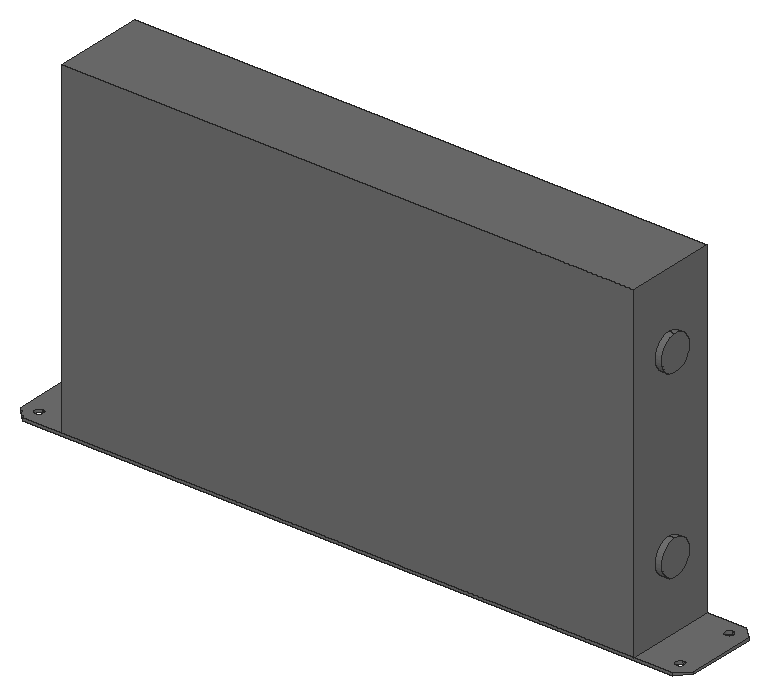
Revit family "БВО_RV17_LOD400 (04.11.23)", category Электрооборудование, Revit 2017
Family settings
  Конфигурация панели = Два столбца, слева направо
  Размер круглого соединителя = Использовать диаметр
  Тип детали = Щит
  На основе рабочей плоскости = Нет
  Всегда вертикально = Да
  При загрузке вырезать с полостями = Нет
  Общий = Нет
  Точка расчета площади = Нет
Parameters (values of type "БВО")
  Тип соединяемого волокна = "Одномодовое"
  Смещение_УГО_Y [instance] = 0 mm
  Смещение_УГО_X [instance] = 0 mm
  Раздел проекта [instance] = ""
  Раздел Спецификации [instance] = ""
  Конфигурация выходных разъёмов = "2xLC"
  Количество выходных разъёмов = 4
  Количество вводов оптического кабеля = 2
  Диапазон рабочих температур, С = "от –40 до +50"
  В_Смещение_УГО_Y [instance] = Смещение_УГО_Y + 2000 mm  # 2000 mm
  В_Смещение_УГО_X [instance] = Смещение_УГО_X + 2000 mm  # 2000 mm
  d_короба = 20 mm
  ADSK_Размер_Длина = 294 mm
  ADSK_Размер_Глубина = 145 mm
  ADSK_Размер_Высота = 40 mm
  ADSK_Примечание = ""
  ADSK_Наименование = "Блок ввода оптической линии БВО"
  ADSK_Масса = 1.4
  ADSK_Марка = "СТАЕ.426471.200"
  ADSK_Количество = 1
  ADSK_Завод-изготовитель = "ООО «Основа Безопасности»"  # constant formula
  ADSK_Единица измерения = "шт."  # constant formula
  ADSK_URL страницы изделия = "https://stilsoft.ru/products/bvo"
  ADSK_URL документации изделия = ""
Reference planes
  plane 1 "По центру (Вперед/Назад)": y = 0
  plane 2: z = 0
  plane 3 "По центру (Влево/Вправо)": x = 0
  plane 4: y = 2000
  plane 5: x = -2000
  plane 6: x = 0
  plane 7: y = 0
  plane 8: x = 147
  plane 9: x = -147
  plane 10 "1": x = 125
  plane 11: x = -125
  plane 12: y = 21.144
  plane 13: y = -18.856
  plane 14: z = 145
Forms (mm)
  Extrusion 1, solid, material "корпус", detail levels medium+fine
    sketch origin (0, 21.144, 0) x (0, -1, 0) y (1, 0, 0)
      loop
        line (40, -142) -> (40, 142) -> (35, 147) -> (5, 147) -> (0, 142) -> (0, -142) -> (5, -147) -> (35, -147) -> (40, -142)
      loop
        circle (33.43, -140.15) r 1.881
      loop
        circle (6.57, -140.15) r 1.881
      loop
        circle (33.43, 140.15) r 1.881
      loop
        circle (6.57, 140.15) r 1.881
    from 0 to 1
  Extrusion 2, solid, material "корпус", detail levels medium+fine
    sketch origin (0, 21.144, 0) x (0, -1, 0) y (1, 0, 0)
      loop
        line (40, -125) -> (40, 125) -> (0, 125) -> (0, -125) -> (40, -125)
    from 1 to 145
  Extrusion 3, solid, material "корпус", detail levels medium+fine
    sketch origin (125, 12.521, 0) x (0, 0, 1) y (0, -1, 0)
      loop
        circle (32.942, 12.521) r 7.548
      loop
        circle (113.058, 12.521) r 7.548
    from 0 to 3
Dimensions and locks
  locked: plane 4 to plane 1 "По центру (Вперед/Назад)" at 2000
  locked: plane 5 to plane 3 "По центру (Влево/Вправо)" at 2000
  "В_Смещение_УГО_X": plane 5 to plane 6
  "В_Смещение_УГО_Y": plane 4 to plane 7
  "ADSK_Размер_Длина": plane 9 to plane 8
  "ADSK_Размер_Высота": plane 12 to plane 13
  "ADSK_Размер_Глубина": plane 14 to level
  aligned and locked: level to plane 2
Automatic sketch dimensions
  Extrusion 1 sketch curve to plane 1 "По центру (Вперед/Назад)" = 21.144 mm
  Extrusion 1 sketch curve to plane 9 = 0 mm
  Extrusion 1 sketch curve to plane 8 = 0 mm
  Extrusion 1 sketch curve to plane 1 "По центру (Вперед/Назад)" = 16.144 mm  (x2)
  Extrusion 1 sketch curve to plane 1 "По центру (Вперед/Назад)" = 14.574 mm  (x2)
  Extrusion 1 sketch curve to plane 8 = 6.85 mm  (x2)
  Extrusion 1 sketch curve to Extrusion 1 sketch curve = 26.859 mm  (x2)
  Extrusion 1 sketch curve to plane 9 = 6.85 mm
  Extrusion 1 sketch curve to Extrusion 1 sketch curve = 1.57 mm  (x2)
  Extrusion 1 sketch curve to plane 8 = 5 mm  (x2)
  Extrusion 1 sketch curve to Extrusion 1 sketch curve = 6.57 mm
  Extrusion 1 sketch curve to plane 9 = 5 mm  (x2)
  Extrusion 1 sketch curve to Extrusion 1 sketch curve = 1.85 mm
  Extrusion 2 sketch curve to plane 1 "По центру (Вперед/Назад)" = 21.144 mm
  Extrusion 2 sketch curve to plane 11 = 0 mm
  Extrusion 2 sketch curve to plane 10 "1" = 0 mm
  plane 1 "По центру (Вперед/Назад)" to Extrusion 2 sketch curve = 18.856 mm
  plane 1 "По центру (Вперед/Назад)" to Extrusion 3 sketch curve = 0 mm  (x2)
  level to Extrusion 3 sketch curve = 32.942 mm
  Extrusion 3 sketch curve to Extrusion 3 sketch curve = 80.116 mm
  radius of Extrusion 1 sketch curve = 1.881 mm  (x4)
  radius of Extrusion 3 sketch curve = 7.548 mm  (x2)
Connectors
  electrical at (128, 0, 113.058)
    settings: on Extrusion 3, index 1, voltage 0 V, apparent load 0 VA, apparent load phase1 0 VA, apparent load phase2 0 VA, apparent load phase3 0 VA, power factor 1, load classification "Прочее", number of poles 1, system type 14, power factor state 1, is connector primary yes, connector utility no, sub classification motor no, connector description ""
  electrical at (128, 0, 32.942)
    settings: on Extrusion 3, index 2, voltage 0 V, apparent load 0 VA, apparent load phase1 0 VA, apparent load phase2 0 VA, apparent load phase3 0 VA, power factor 1, load classification "Прочее", number of poles 1, system type 14, power factor state 1, is connector primary no, connector utility no, sub classification motor no, connector description ""
  cabletrayconduit at (128, 0, 113.058), diameter 20, driven by "d_короба"
    settings: on Extrusion 3, index 3, connector width 300 mm, connector height 300 mm, connector angle 0.00°, system type 32, placement type 0, profile type 0, connector reference index -1, is primary connector yes, connector utility param no, connector description ""
  cabletrayconduit at (128, 0, 32.942), diameter 20, driven by "d_короба"
    settings: on Extrusion 3, index 4, connector width 300 mm, connector height 300 mm, connector angle 0.00°, system type 32, placement type 0, profile type 0, connector reference index -1, is primary connector no, connector utility param no, connector description ""
